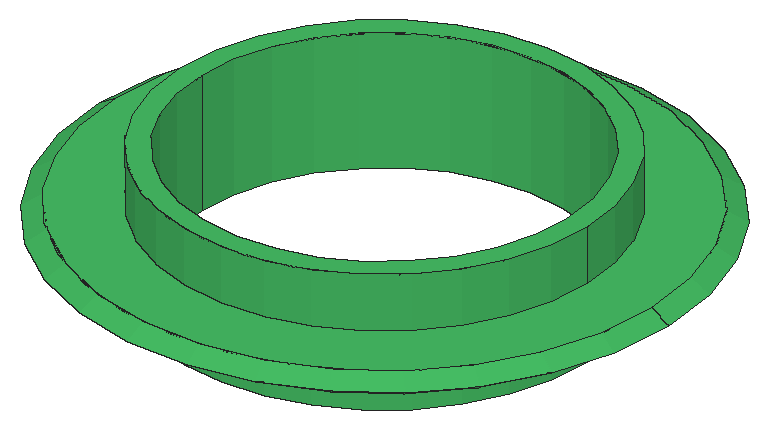
Revit family "Rørtettingsmansjett_P_I_07987", category Generic Models, Revit 2018
Family settings
  Can host rebar = No
  Round Connector Dimension = Use Diameter
  Part Type = Normal
  Work Plane-Based = Yes
  Always vertical = No
  Cut with Voids When Loaded = No
  Shared = No
  Room Calculation Point = No
Parameters (values of type "90mm")
  URL = "https://katalog.haucon.no/category/produkter/vanntetting/rormansjetter/rormansjetter"
  Tech Data Sheet [instance] = "https://katalog.haucon.no/pdf/07986td.pdf"
  Redius Utvendig 2 [instance] = 140 mm
  Radius Utvendig 1 [instance] = 100 mm
  Radius Innvendig 2 [instance] = 100 mm
  Radius Innvendig 1 [instance] = 90 mm
  Model = "Rørtettingsmansjett 90mm"
  FDV documentation [instance] = "https://katalog.haucon.no/pdf/07986fd.pdf"
  Default Elevation = 1219.2 mm
  Control sheet [instance] = "https://katalog.haucon.no/pdf/07986ks.pdf"
  Assembly instructions [instance] = "https://katalog.haucon.no/pdf/07986mv.pdf"
Types (10, lengths in mm): name | Redius Utvendig 2 | Radius Utvendig 1 | Radius Innvendig 2 | Radius Innvendig 1 | Model
  (no name) | 140 | 100 | 100 | 90 | "Rørtettingsmansjett 90mm"
  50mm | 100 | 60 | 60 | 50 | "Rørtettingsmansjett 50mm"
  25mm | 75 | 35 | 35 | 25 | "Rørtettingsmansjett 25mm"
  32mm | 82 | 42 | 42 | 32 | "Rørtettingsmansjett 32mm"
  75mm | 125 | 85 | 85 | 75 | "Rørtettingsmansjett 75mm"
  90mm | 140 | 100 | 100 | 90 | "Rørtettingsmansjett 90mm"
  110mm | 160 | 120 | 120 | 110 | "Rørtettingsmansjett 110mm"
  125mm | 175 | 135 | 135 | 125 | "Rørtettingsmansjett 125mm"
  160mm | 210 | 170 | 170 | 160 | "Rørtettingsmansjett 160mm"
  200mm | 250 | 210 | 210 | 200 | "Rørtettingsmansjett 200mm"
Reference planes
  plane 1 "Center (Front/Back)": y = 0
  plane 2: z = 0
  plane 3 "Center (Left/Right)": x = 0
Forms (mm)
  Extrusion 1, solid, material "Presstøpt elastisk termoplastisk materiale"
    sketch origin (0, 0, 0) x (1, 0, 0) y (0, 1, 0)
      loop
        circle (0, 0) r 90
      loop
        circle (0, 0) r 100
    from 0 to 59.71
  Extrusion 2, solid, material "Presstøpt elastisk termoplastisk materiale"
    sketch origin (0, 0, 0) x (1, 0, 0) y (0, 1, 0)
      loop
        circle (0, 0) r 140
      loop
        circle (0, 0) r 100
    from 24.725 to 35.089
  Sweep 3, void
    path in 3D
      loop
        arc (140, 0, 35.089) -> (0, -140, 35.089) -> (-140, 0, 35.089) r 140
        arc (-140, 0, 35.089) -> (0, 140, 35.089) -> (140, 0, 35.089) r 140
    profile origin (0, 140, 35.089) x (0, 1, 0) y (0, 0, 1)
      loop
        line (-8.43, 0) -> (0, -5.065) -> (-8.819, -10.364) -> (6.466, -10.364) -> (6.466, 0) -> (-8.43, 0)
Cuts and joins
  Sweep 3 cuts Extrusion 2
Lines and regions (mm)
  sketch lines
    curve 1: arc (-140, 0, 35.089) -> (0, 140, 35.089) -> (140, 0, 35.089) r 140
    curve 2: arc (140, 0, 35.089) -> (0, -140, 35.089) -> (-140, 0, 35.089) r 140
Dimensions and locks
  Extrusion 1 to Extrusion 1 = 59.71 mm
  Extrusion 2 to Extrusion 2 = 10.364 mm
  Extrusion 2 to Extrusion 1 = 24.725 mm
  Extrusion 1 to Extrusion 2 = 24.621 mm
  "Radius Innvendig 1": radius of Extrusion 1 sketch curve
  "Redius Utvendig 2": radius of Extrusion 2 sketch curve
  "Radius Utvendig 1": radius of Extrusion 2 sketch curve
  "Radius Innvendig 2": radius of Extrusion 1 sketch curve
  aligned and locked: level to plane 2
Automatic sketch dimensions
  Sweep 3 sketch curve to profile plane = 0 mm  (x2)
  profile plane to Sweep 3 sketch curve = 8.43 mm
  profile plane to Sweep 3 sketch curve = 8.819 mm
  Sweep 3 sketch curve to profile plane = 6.466 mm
  Sweep 3 sketch curve to profile plane = 5.065 mm
  Sweep 3 sketch curve to Sweep 3 sketch curve = 5.299 mm
  Extrusion 1 sketch curve to Extrusion 1 sketch curve = 0 mm  (x2)
  plane 1 "Center (Front/Back)" to Extrusion 1 sketch curve = 0 mm
  Extrusion 1 sketch curve to plane 3 "Center (Left/Right)" = 0 mm
  Extrusion 2 sketch curve to Extrusion 2 sketch curve = 0 mm  (x2)
  plane 1 "Center (Front/Back)" to Extrusion 2 sketch curve = 0 mm
  Extrusion 2 sketch curve to plane 3 "Center (Left/Right)" = 0 mm
